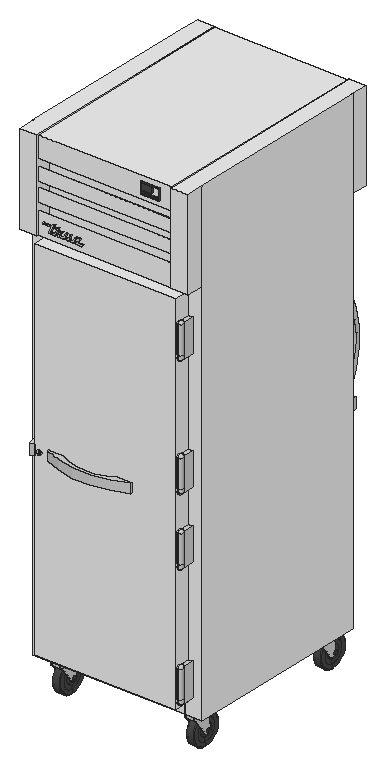
Revit family "QF_TRUE_STR1RPT-1S-1G-HC", category Specialty Equipment, Revit 2012 (continued)
Automatic sketch dimensions
  Revolve 27 sketch curve to plane 6 = 0.62954"
  Revolve 27 sketch curve to plane 3 "RIGHT" = 4.14082"
  Revolve 27 sketch curve to Revolve 27 sketch curve = 1.29707"
  Revolve 27 sketch curve to Revolve 27 sketch curve = 0"
  Revolve 27 sketch curve to Revolve 27 sketch curve = 0.10278"
  Revolve 27 sketch curve to plane 6 = 0.00141"
  plane 6 to Revolve 27 sketch curve = 0.26768"
  Revolve 28 sketch curve to level = 0"
  Revolve 28 sketch curve to plane 6 = 0"
  Revolve 28 sketch curve to plane 3 "RIGHT" = 4.17713"
  level to Revolve 28 sketch curve = 1"
  Revolve 28 sketch curve to plane 3 "RIGHT" = 3 19/32"
  Revolve 28 sketch curve to Revolve 28 sketch curve = 1/4"
  Revolve 28 sketch curve to Revolve 28 sketch curve = 1/2"
  Revolve 28 sketch curve to Revolve 28 sketch curve = 0"
  Revolve 28 sketch curve to Revolve 28 sketch curve = 5/8"
  plane 6 to Revolve 28 sketch curve = 1 25/32"
  Revolve 29 sketch curve to level = 0"
  Revolve 29 sketch curve to plane 6 = 0"
  Revolve 29 sketch curve to plane 3 "RIGHT" = 4.17713"
  level to Revolve 29 sketch curve = 1"
  Revolve 29 sketch curve to plane 3 "RIGHT" = 3 19/32"
  Revolve 29 sketch curve to Revolve 29 sketch curve = 1/4"
  Revolve 29 sketch curve to Revolve 29 sketch curve = 1/2"
  Revolve 29 sketch curve to Revolve 29 sketch curve = 0"
  Revolve 29 sketch curve to Revolve 29 sketch curve = 5/8"
  plane 6 to Revolve 29 sketch curve = 1 25/32"
  Revolve 30 sketch curve to plane 6 = 0.62954"
  Revolve 30 sketch curve to plane 3 "RIGHT" = 4.14082"
  Revolve 30 sketch curve to Revolve 30 sketch curve = 1.29707"
  Revolve 30 sketch curve to Revolve 30 sketch curve = 0"
  Revolve 30 sketch curve to Revolve 30 sketch curve = 0.10278"
  Revolve 30 sketch curve to plane 6 = 0.00141"
  plane 6 to Revolve 30 sketch curve = 0.26768"
  Extrusion 31 sketch curve to plane 6 = 0.63926"  (x2)
  Extrusion 31 sketch curve to plane 4 "FRONT" = 3.79864"
  Extrusion 31 sketch curve to Extrusion 31 sketch curve = 1/4"  (x2)
  Extrusion 31 sketch curve to Extrusion 31 sketch curve = 2 1/2"  (x2)
  Extrusion 31 sketch curve to plane 6 = 0.93273"  (x2)
  Extrusion 31 sketch curve to Extrusion 31 sketch curve = 0.03603"
  plane 8 to Extrusion 31 sketch curve = 6.82645"
  Extrusion 31 sketch curve to plane 6 = 1.24411"
  Extrusion 33 sketch curve to plane 6 = 0.63926"  (x2)
  Extrusion 33 sketch curve to plane 4 "FRONT" = 3.79864"
  Extrusion 33 sketch curve to Extrusion 33 sketch curve = 1/4"  (x2)
  level to Extrusion 33 sketch curve = 2.18736"  (x2)
  Extrusion 33 sketch curve to Extrusion 33 sketch curve = 1.7492"  (x2)
  Extrusion 33 sketch curve to Extrusion 33 sketch curve = 0.50669"  (x2)
  Extrusion 33 sketch curve to Extrusion 33 sketch curve = 2 1/2"  (x2)
  level to Extrusion 33 sketch curve = 2.59003"  (x2)
  Extrusion 33 sketch curve to Extrusion 33 sketch curve = 0.59966"  (x2)
  plane 8 to Extrusion 33 sketch curve = 6.82645"
  Extrusion 33 sketch curve to Extrusion 33 sketch curve = 0.60485"  (x2)
  Extrusion 34 sketch curve to plane 6 = 0.63926"  (x2)
  Extrusion 34 sketch curve to plane 4 "FRONT" = 3.79864"
  Extrusion 34 sketch curve to Extrusion 34 sketch curve = 1/4"  (x2)
  level to Extrusion 34 sketch curve = 2.18736"  (x2)
  Extrusion 34 sketch curve to Extrusion 34 sketch curve = 1.7492"  (x2)
  Extrusion 34 sketch curve to Extrusion 34 sketch curve = 0.50669"  (x2)
  Extrusion 34 sketch curve to Extrusion 34 sketch curve = 2 1/2"  (x2)
  level to Extrusion 34 sketch curve = 2.59003"  (x2)
  Extrusion 34 sketch curve to Extrusion 34 sketch curve = 0.59966"  (x2)
  plane 8 to Extrusion 34 sketch curve = 6.82645"
  Extrusion 34 sketch curve to Extrusion 34 sketch curve = 0.60485"  (x2)
  Extrusion 39 sketch curve to plane 6 = 0.63926"  (x2)
  Extrusion 39 sketch curve to plane 4 "FRONT" = 3.79864"
  Extrusion 39 sketch curve to Extrusion 39 sketch curve = 1/4"  (x2)
  Extrusion 39 sketch curve to Extrusion 39 sketch curve = 2 1/2"  (x2)
  Extrusion 39 sketch curve to plane 6 = 0.93273"  (x2)
  Extrusion 39 sketch curve to Extrusion 39 sketch curve = 0.03603"
  plane 8 to Extrusion 39 sketch curve = 6.82645"
  Extrusion 39 sketch curve to plane 6 = 1.24411"
  Extrusion 42 sketch curve to plane 3 "RIGHT" = 2 55/64"
  Extrusion 42 sketch curve to plane 3 "RIGHT" = 3/64"
  plane 8 to Extrusion 42 sketch curve = 2 3/4"
  plane 8 to Extrusion 42 sketch curve = 0"
  plane 8 to Extrusion 44 sketch curve = 0.60979"
  Extrusion 44 sketch curve to Extrusion 44 sketch curve = 0.43503"
  Extrusion 44 sketch curve to Extrusion 44 sketch curve = 0.20453"
  Extrusion 44 sketch curve to Extrusion 44 sketch curve = 1.50065"
  Extrusion 44 sketch curve to plane 5 "TOP" = 19.57271"
  Extrusion 44 sketch curve to Extrusion 44 sketch curve = 4.39928"
  Extrusion 44 sketch curve to Extrusion 44 sketch curve = 0.71221"
  plane 8 to Revolve 45 sketch curve = 3/16"  (x2)
  Revolve 45 sketch curve to Revolve 45 sketch curve = 0.38242"
  Revolve 45 sketch curve to Revolve 45 sketch curve = 0.38436"
  plane 8 to Revolve 45 sketch curve = 0.59416"
  Revolve 45 sketch curve to Revolve 45 sketch curve = 0.40666"
  Revolve 45 sketch curve to Revolve 45 sketch curve = 0"
  Revolve 45 sketch curve to plane 5 "TOP" = 18.75492"
  Revolve 45 sketch curve to Revolve 45 sketch curve = 0.55526"
  Revolve 45 sketch curve to Revolve 45 sketch curve = 0.19474"
  Revolve 45 sketch curve to Revolve 45 sketch curve = 0.14649"
  Revolve 45 sketch curve to Revolve 45 sketch curve = 4.42889"
  Revolve 45 sketch curve to Revolve 45 sketch curve = 0.05342"
  Revolve 45 sketch curve to Revolve 45 sketch curve = 0.51246"
  Revolve 45 sketch curve to Revolve 45 sketch curve = 0.05889"
  plane 8 to Extrusion 47 sketch curve = 0.60979"
  Extrusion 47 sketch curve to Extrusion 47 sketch curve = 0.43503"
  Extrusion 47 sketch curve to Extrusion 47 sketch curve = 0.20453"
  Extrusion 47 sketch curve to Extrusion 47 sketch curve = 1.50065"
  plane 6 to Extrusion 47 sketch curve = 38.92729"
  Extrusion 47 sketch curve to Extrusion 47 sketch curve = 4.39928"
  Extrusion 47 sketch curve to Extrusion 47 sketch curve = 0.71221"
  plane 8 to Revolve 48 sketch curve = 3/16"  (x2)
  Revolve 48 sketch curve to Revolve 48 sketch curve = 0.38242"
  Revolve 48 sketch curve to Revolve 48 sketch curve = 0.38436"
  plane 8 to Revolve 48 sketch curve = 0.59416"
  Revolve 48 sketch curve to Revolve 48 sketch curve = 0.40666"
  Revolve 48 sketch curve to Revolve 48 sketch curve = 0"
  Revolve 48 sketch curve to plane 5 "TOP" = 38.25492"
  Revolve 48 sketch curve to Revolve 48 sketch curve = 0.55526"
  Revolve 48 sketch curve to Revolve 48 sketch curve = 0.19474"
  Revolve 48 sketch curve to Revolve 48 sketch curve = 0.14649"
  Revolve 48 sketch curve to Revolve 48 sketch curve = 4.42889"
  Revolve 48 sketch curve to Revolve 48 sketch curve = 0.05342"
  Revolve 48 sketch curve to Revolve 48 sketch curve = 0.51246"
  Revolve 48 sketch curve to Revolve 48 sketch curve = 0.05889"
  plane 8 to Extrusion 50 sketch curve = 0.60979"
  Extrusion 50 sketch curve to Extrusion 50 sketch curve = 0.43503"
  Extrusion 50 sketch curve to Extrusion 50 sketch curve = 0.20453"
  Extrusion 50 sketch curve to Extrusion 50 sketch curve = 1.50065"
  plane 6 to Extrusion 50 sketch curve = 27.92729"
  Extrusion 50 sketch curve to Extrusion 50 sketch curve = 4.39928"
  Extrusion 50 sketch curve to Extrusion 50 sketch curve = 0.71221"
  plane 8 to Revolve 51 sketch curve = 3/16"  (x2)
  Revolve 51 sketch curve to Revolve 51 sketch curve = 0.38242"
  Revolve 51 sketch curve to Revolve 51 sketch curve = 0.38436"
  plane 8 to Revolve 51 sketch curve = 0.59416"
  Revolve 51 sketch curve to Revolve 51 sketch curve = 0.40666"
  Revolve 51 sketch curve to Revolve 51 sketch curve = 0"
  plane 6 to Revolve 51 sketch curve = 28.74508"
  Revolve 51 sketch curve to Revolve 51 sketch curve = 0.55526"
  Revolve 51 sketch curve to Revolve 51 sketch curve = 0.19474"
  Revolve 51 sketch curve to Revolve 51 sketch curve = 0.14649"
  Revolve 51 sketch curve to Revolve 51 sketch curve = 4.42889"
  Revolve 51 sketch curve to Revolve 51 sketch curve = 0.05342"
  Revolve 51 sketch curve to Revolve 51 sketch curve = 0.51246"
  Revolve 51 sketch curve to Revolve 51 sketch curve = 0.05889"
  plane 8 to Extrusion 53 sketch curve = 0.60979"
  Extrusion 53 sketch curve to Extrusion 53 sketch curve = 0.43503"
  Extrusion 53 sketch curve to Extrusion 53 sketch curve = 0.20453"
  Extrusion 53 sketch curve to Extrusion 53 sketch curve = 1.50065"
  plane 6 to Extrusion 53 sketch curve = 8.17729"
  plane 6 to Extrusion 53 sketch curve = 3.57348"
  Extrusion 53 sketch curve to Extrusion 53 sketch curve = 0.71221"
  plane 8 to Revolve 54 sketch curve = 3/16"  (x2)
  Revolve 54 sketch curve to Revolve 54 sketch curve = 0.38242"
  Revolve 54 sketch curve to Revolve 54 sketch curve = 0.38436"
  plane 8 to Revolve 54 sketch curve = 0.59416"
  Revolve 54 sketch curve to Revolve 54 sketch curve = 0.40666"
  Revolve 54 sketch curve to Revolve 54 sketch curve = 0"
  plane 6 to Revolve 54 sketch curve = 8.99508"
  Revolve 54 sketch curve to Revolve 54 sketch curve = 0.55526"
  Revolve 54 sketch curve to Revolve 54 sketch curve = 0.19474"
  Revolve 54 sketch curve to Revolve 54 sketch curve = 0.14649"
  plane 6 to Revolve 54 sketch curve = 3.62689"
  Revolve 54 sketch curve to Revolve 54 sketch curve = 0.05342"
  Revolve 54 sketch curve to Revolve 54 sketch curve = 0.51246"
  Revolve 54 sketch curve to Revolve 54 sketch curve = 0.05889"
  Blend 58 sketch curve to plane 3 "RIGHT" = 2 9/32"  (x2)
  Blend 58 sketch curve to Blend 58 sketch curve = 3/4"
  plane 6 to Blend 58 sketch curve = 32.17919"
  Blend 58 sketch curve to Blend 58 sketch curve = 1 3/4"
  Blend 58 sketch curve to Blend 58 sketch curve = 0.93223"
  plane 6 to Blend 58 sketch curve = 32.61393"
  Blend 58 sketch curve to Blend 58 sketch curve = 2.78233"
  Extrusion 59 sketch curve to plane 5 "TOP" = 2.55982"
  Extrusion 59 sketch curve to plane 3 "RIGHT" = 7.75585"
  Extrusion 59 sketch curve to Extrusion 59 sketch curve = 2 29/32"
  Extrusion 59 sketch curve to plane 5 "TOP" = 13/16"
  Extrusion 60 sketch curve to plane 5 "TOP" = 3/4"
  Extrusion 60 sketch curve to plane 3 "RIGHT" = 7.81835"
  Extrusion 60 sketch curve to Extrusion 60 sketch curve = 1/16"  (x4)
  Extrusion 60 sketch curve to Extrusion 60 sketch curve = 0.1375"  (x2)
  Extrusion 60 sketch curve to Extrusion 60 sketch curve = 1/4"  (x4)
  Extrusion 60 sketch curve to Extrusion 60 sketch curve = 0.44601"
  Extrusion 60 sketch curve to Extrusion 60 sketch curve = 1/2"  (x2)
  Extrusion 60 sketch curve to Extrusion 60 sketch curve = 0.0035"
  Extrusion 60 sketch curve to Extrusion 60 sketch curve = 1.06923"
  Extrusion 60 sketch curve to plane 5 "TOP" = 0.95"
  Extrusion 60 sketch curve to Extrusion 60 sketch curve = 1"
  Extrusion 60 sketch curve to Extrusion 60 sketch curve = 0.34106"  (x3)
  Extrusion 60 sketch curve to Extrusion 60 sketch curve = 0"
  Extrusion 60 sketch curve to Extrusion 60 sketch curve = 0.26876"
  Revolve 61 sketch curve to plane 3 "RIGHT" = 4.35148"
  Revolve 61 sketch curve to Revolve 61 sketch curve = 0.48273"
  Revolve 61 sketch curve to Revolve 61 sketch curve = 0.4"
  Revolve 61 sketch curve to Revolve 61 sketch curve = 0"  (x2)
  Revolve 61 sketch curve to Revolve 61 sketch curve = 0.1"  (x2)
  Revolve 61 sketch curve to Revolve 61 sketch curve = 0.16101"
  Revolve 61 sketch curve to Revolve 61 sketch curve = 0.75408"
  Revolve 61 sketch curve to Revolve 61 sketch curve = 0.92798"
  Revolve 61 sketch curve to Revolve 61 sketch curve = 0.06101"
  Revolve 61 sketch curve to Revolve 61 sketch curve = 1/2"
  Revolve 61 sketch curve to Revolve 61 sketch curve = 0.16509"
  Revolve 61 sketch curve to Revolve 61 sketch curve = 0.39592"
  level to Revolve 61 sketch curve = 2 1/2"
  Revolve 61 sketch curve to Revolve 61 sketch curve = 0.29941"  (x2)
  Revolve 61 sketch curve to Revolve 61 sketch curve = 3/4"  (x4)
  Revolve 61 sketch curve to Revolve 61 sketch curve = 0.59652"
  Revolve 61 sketch curve to Revolve 61 sketch curve = 0.60059"
  Extrusion 1 sketch curve to plane 2 "LEFT" = 0"
  plane 2 "LEFT" to Extrusion 1 sketch curve = 2 55/64"
  Extrusion 1 sketch curve to plane 4 "FRONT" = 2 3/4"
  plane 8 to Extrusion 1 sketch curve = 2 3/4"
  plane 2 "LEFT" to Extrusion 5 sketch curve = 3/64"
  Extrusion 5 sketch curve to plane 4 "FRONT" = 0"
  Extrusion 5 sketch curve to Extrusion 5 sketch curve = 2 13/16"
  Extrusion 5 sketch curve to Extrusion 5 sketch curve = 2 3/4"
  plane 2 "LEFT" to Extrusion 6 sketch curve = 2 9/32"
  Extrusion 6 sketch curve to plane 3 "RIGHT" = 2 9/32"
  plane 6 to Extrusion 6 sketch curve = 1 29/32"
  Extrusion 6 sketch curve to plane 5 "TOP" = 16 5/32"
  plane 2 "LEFT" to Extrusion 8 sketch curve = 3.04215"
  Extrusion 8 sketch curve to Extrusion 8 sketch curve = 0.02035"
  Extrusion 8 sketch curve to Extrusion 8 sketch curve = 0.0555"
  plane 6 to Extrusion 8 sketch curve = 31.39395"
  Extrusion 8 sketch curve to Extrusion 8 sketch curve = 0.29355"
  Extrusion 8 sketch curve to Extrusion 8 sketch curve = 0.27385"
  plane 2 "LEFT" to Extrusion 9 sketch curve = 3.68957"
  Extrusion 9 sketch curve to Extrusion 9 sketch curve = 0.10565"  (x5)
  Extrusion 9 sketch curve to Extrusion 9 sketch curve = 1.03891"
  Extrusion 9 sketch curve to Extrusion 9 sketch curve = 0.04606"
  Extrusion 9 sketch curve to Extrusion 9 sketch curve = 0.04025"
  Extrusion 9 sketch curve to Extrusion 9 sketch curve = 0.33624"
  Extrusion 9 sketch curve to Extrusion 9 sketch curve = 0.03034"  (x2)
  Extrusion 9 sketch curve to Extrusion 9 sketch curve = 0.29274"
  Extrusion 9 sketch curve to Extrusion 9 sketch curve = 0.03232"
  Extrusion 9 sketch curve to Extrusion 9 sketch curve = 0.08083"
  Extrusion 9 sketch curve to Extrusion 9 sketch curve = 0.1527"
  Extrusion 9 sketch curve to Extrusion 9 sketch curve = 0.19721"
  Extrusion 9 sketch curve to Extrusion 9 sketch curve = 0.4629"
  Extrusion 9 sketch curve to Extrusion 9 sketch curve = 0.02197"
  Extrusion 9 sketch curve to Extrusion 9 sketch curve = 0.12632"
  Extrusion 9 sketch curve to Extrusion 9 sketch curve = 0.18591"
  Extrusion 9 sketch curve to Extrusion 9 sketch curve = 0.2322"
  Extrusion 9 sketch curve to Extrusion 9 sketch curve = 0.13786"
  Extrusion 9 sketch curve to Extrusion 9 sketch curve = 0.00907"
  Extrusion 9 sketch curve to Extrusion 9 sketch curve = 0.01413"
  Extrusion 9 sketch curve to Extrusion 9 sketch curve = 0.37162"
  Extrusion 9 sketch curve to Extrusion 9 sketch curve = 0.12551"
  Extrusion 9 sketch curve to Extrusion 9 sketch curve = 0.07633"
  Extrusion 9 sketch curve to Extrusion 9 sketch curve = 0.08445"
  Extrusion 9 sketch curve to Extrusion 9 sketch curve = 0.25598"
  Extrusion 9 sketch curve to Extrusion 9 sketch curve = 0.01887"
  Extrusion 9 sketch curve to Extrusion 9 sketch curve = 0.04061"
  Extrusion 9 sketch curve to Extrusion 9 sketch curve = 0.0653"
  Extrusion 9 sketch curve to Extrusion 9 sketch curve = 0.08474"
  Extrusion 9 sketch curve to Extrusion 9 sketch curve = 0.00815"
  Extrusion 9 sketch curve to Extrusion 9 sketch curve = 0.22037"
  Extrusion 9 sketch curve to Extrusion 9 sketch curve = 0.21921"
  Extrusion 9 sketch curve to Extrusion 9 sketch curve = 0.11572"
  Extrusion 9 sketch curve to Extrusion 9 sketch curve = 0.46643"
  Extrusion 9 sketch curve to Extrusion 9 sketch curve = 0.00535"
  Extrusion 9 sketch curve to Extrusion 9 sketch curve = 0.09269"
  Extrusion 9 sketch curve to Extrusion 9 sketch curve = 0.09348"
  Extrusion 9 sketch curve to Extrusion 9 sketch curve = 0.14812"
  Extrusion 9 sketch curve to Extrusion 9 sketch curve = 0.07778"  (x3)
  Extrusion 9 sketch curve to Extrusion 9 sketch curve = 0.20054"
  Extrusion 9 sketch curve to Extrusion 9 sketch curve = 0.04325"
  Extrusion 9 sketch curve to Extrusion 9 sketch curve = 0.32433"
  Extrusion 9 sketch curve to Extrusion 9 sketch curve = 0.10233"  (x2)
  Extrusion 9 sketch curve to Extrusion 9 sketch curve = 0.16515"
  Extrusion 9 sketch curve to Extrusion 9 sketch curve = 0.27321"
  Extrusion 9 sketch curve to Extrusion 9 sketch curve = 0.0526"
  Extrusion 9 sketch curve to Extrusion 9 sketch curve = 0.10005"
  Extrusion 9 sketch curve to Extrusion 9 sketch curve = 0.06912"
  Extrusion 9 sketch curve to Extrusion 9 sketch curve = 0.13276"
  Extrusion 9 sketch curve to Extrusion 9 sketch curve = 0.17486"
  Extrusion 9 sketch curve to Extrusion 9 sketch curve = 0.05291"
  Extrusion 9 sketch curve to Extrusion 9 sketch curve = 0.53374"
  Extrusion 9 sketch curve to Extrusion 9 sketch curve = 0.09914"  (x2)
  Extrusion 9 sketch curve to Extrusion 9 sketch curve = 0.15992"
  Extrusion 9 sketch curve to Extrusion 9 sketch curve = 0.46666"
  Extrusion 9 sketch curve to Extrusion 9 sketch curve = 0.00582"
  Extrusion 9 sketch curve to Extrusion 9 sketch curve = 0.08216"
  Extrusion 9 sketch curve to Extrusion 9 sketch curve = 0.16397"
  Extrusion 9 sketch curve to Extrusion 9 sketch curve = 0.12601"
  Extrusion 9 sketch curve to Extrusion 9 sketch curve = 0.1363"
  Extrusion 9 sketch curve to Extrusion 9 sketch curve = 0.02323"
  Extrusion 9 sketch curve to Extrusion 9 sketch curve = 0.03844"
  Extrusion 9 sketch curve to Extrusion 9 sketch curve = 0.0454"
  Extrusion 9 sketch curve to Extrusion 9 sketch curve = 0.05693"
  Extrusion 9 sketch curve to Extrusion 9 sketch curve = 0.0917"
  Extrusion 9 sketch curve to Extrusion 9 sketch curve = 0.01902"
  Extrusion 9 sketch curve to Extrusion 9 sketch curve = 0.02191"
  Extrusion 9 sketch curve to Extrusion 9 sketch curve = 0.0347"
  Extrusion 9 sketch curve to Extrusion 9 sketch curve = 0.06385"
  Extrusion 9 sketch curve to Extrusion 9 sketch curve = 0.02906"
  Extrusion 9 sketch curve to Extrusion 9 sketch curve = 0.02851"
  Extrusion 9 sketch curve to Extrusion 9 sketch curve = 0.29237"
  Extrusion 9 sketch curve to Extrusion 9 sketch curve = 0.00537"
  Extrusion 9 sketch curve to Extrusion 9 sketch curve = 0.0406"
  Extrusion 9 sketch curve to Extrusion 9 sketch curve = 0.04327"
  Extrusion 9 sketch curve to Extrusion 9 sketch curve = 0.02615"
  Extrusion 9 sketch curve to Extrusion 9 sketch curve = 0.11806"
  Extrusion 9 sketch curve to Extrusion 9 sketch curve = 0.15103"
  Extrusion 9 sketch curve to Extrusion 9 sketch curve = 0.10007"
  Extrusion 9 sketch curve to Extrusion 9 sketch curve = 0.5254"
  Extrusion 9 sketch curve to Extrusion 9 sketch curve = 0.14787"
  Extrusion 9 sketch curve to plane 5 "TOP" = 13.64562"
  Extrusion 9 sketch curve to Extrusion 9 sketch curve = 0.07275"
  Extrusion 9 sketch curve to Extrusion 9 sketch curve = 0.05776"
  Extrusion 9 sketch curve to Extrusion 9 sketch curve = 0.08631"
  Extrusion 9 sketch curve to Extrusion 9 sketch curve = 0.09282"
  Extrusion 9 sketch curve to Extrusion 9 sketch curve = 0.13018"
  Extrusion 9 sketch curve to Extrusion 9 sketch curve = 0.16714"
  Extrusion 9 sketch curve to Extrusion 9 sketch curve = 0.11061"
  Extrusion 9 sketch curve to Extrusion 9 sketch curve = 0.06046"
  Extrusion 9 sketch curve to Extrusion 9 sketch curve = 0.16548"
  Extrusion 9 sketch curve to Extrusion 9 sketch curve = 0.14279"
  Extrusion 9 sketch curve to Extrusion 9 sketch curve = 0.0496"
  Extrusion 9 sketch curve to Extrusion 9 sketch curve = 0.07293"
  Extrusion 9 sketch curve to Extrusion 9 sketch curve = 0.07764"
  Extrusion 9 sketch curve to Extrusion 9 sketch curve = 0.03794"
  Extrusion 9 sketch curve to Extrusion 9 sketch curve = 0.08552"
  Extrusion 9 sketch curve to Extrusion 9 sketch curve = 0.09296"
  Extrusion 9 sketch curve to Extrusion 9 sketch curve = 0.09314"
  Extrusion 9 sketch curve to Extrusion 9 sketch curve = 0.02781"
  Extrusion 9 sketch curve to Extrusion 9 sketch curve = 0.04981"
  Extrusion 9 sketch curve to Extrusion 9 sketch curve = 0.09315"
  Extrusion 9 sketch curve to Extrusion 9 sketch curve = 0.04799"
  Extrusion 9 sketch curve to Extrusion 9 sketch curve = 0.02531"
  Extrusion 9 sketch curve to Extrusion 9 sketch curve = 0.03054"
  Extrusion 9 sketch curve to Extrusion 9 sketch curve = 0.2589"
  Extrusion 9 sketch curve to Extrusion 9 sketch curve = 0.0674"
  Extrusion 9 sketch curve to Extrusion 9 sketch curve = 0.0324"
  Extrusion 9 sketch curve to Extrusion 9 sketch curve = 0.26185"
  Extrusion 9 sketch curve to Extrusion 9 sketch curve = 11/256"
  Extrusion 9 sketch curve to Extrusion 9 sketch curve = 0.07366"
  Extrusion 9 sketch curve to Extrusion 9 sketch curve = 0.02187"
  Extrusion 9 sketch curve to Extrusion 9 sketch curve = 0.06479"
  Extrusion 9 sketch curve to Extrusion 9 sketch curve = 0.01183"
  Extrusion 9 sketch curve to Extrusion 9 sketch curve = 0.05778"
  Extrusion 9 sketch curve to Extrusion 9 sketch curve = 0.53375"
  Extrusion 9 sketch curve to Extrusion 9 sketch curve = 0.23098"
  Extrusion 9 sketch curve to Extrusion 9 sketch curve = 0"
  Extrusion 9 sketch curve to Extrusion 9 sketch curve = 0.05045"
  Extrusion 9 sketch curve to Extrusion 9 sketch curve = 0.09139"
  Extrusion 9 sketch curve to Extrusion 9 sketch curve = 29/128"  (x3)
  plane 2 "LEFT" to Blend 11 sketch curve = 2 9/32"
  Blend 11 sketch curve to Blend 11 sketch curve = 3/4"
  plane 6 to Blend 11 sketch curve = 32.61669"
  Blend 11 sketch curve to Blend 11 sketch curve = 1 3/4"
  Blend 11 sketch curve to plane 2 "LEFT" = 2 9/32"
  Blend 11 sketch curve to Blend 11 sketch curve = 0.93223"
  Blend 11 sketch curve to plane 6 = 30.2691"
  Blend 11 sketch curve to Blend 11 sketch curve = 2.78233"
  plane 2 "LEFT" to Revolve 32 sketch curve = 1.33602"
  Revolve 32 sketch curve to Revolve 32 sketch curve = 0.48273"
  Revolve 32 sketch curve to Revolve 32 sketch curve = 0.4"
  Revolve 32 sketch curve to Revolve 32 sketch curve = 0"  (x2)
  Revolve 32 sketch curve to Revolve 32 sketch curve = 0.1"  (x2)
  Revolve 32 sketch curve to Revolve 32 sketch curve = 0.16101"
  Revolve 32 sketch curve to Revolve 32 sketch curve = 0.75408"
  Revolve 32 sketch curve to Revolve 32 sketch curve = 0.92798"
  Revolve 32 sketch curve to Revolve 32 sketch curve = 0.06101"
  Revolve 32 sketch curve to Revolve 32 sketch curve = 1/2"
  Revolve 32 sketch curve to Revolve 32 sketch curve = 0.16509"
  Revolve 32 sketch curve to Revolve 32 sketch curve = 0.39592"
  level to Revolve 32 sketch curve = 2 1/2"
  Revolve 32 sketch curve to Revolve 32 sketch curve = 0.29941"  (x2)
  Revolve 32 sketch curve to Revolve 32 sketch curve = 3/4"  (x4)
  Revolve 32 sketch curve to Revolve 32 sketch curve = 0.59652"
  Revolve 32 sketch curve to Revolve 32 sketch curve = 0.60059"
  Revolve 35 sketch curve to plane 6 = 0.62954"
  plane 2 "LEFT" to Revolve 35 sketch curve = 1.54668"
  Revolve 35 sketch curve to Revolve 35 sketch curve = 1.29707"
  Revolve 35 sketch curve to Revolve 35 sketch curve = 0"
  Revolve 35 sketch curve to Revolve 35 sketch curve = 0.10278"
  Revolve 35 sketch curve to plane 6 = 0.00141"
  plane 6 to Revolve 35 sketch curve = 0.26768"
  Revolve 36 sketch curve to level = 0"
  Revolve 36 sketch curve to plane 6 = 0"
  plane 2 "LEFT" to Revolve 36 sketch curve = 1.51037"
  level to Revolve 36 sketch curve = 1"
  plane 2 "LEFT" to Revolve 36 sketch curve = 2 3/32"
  Revolve 36 sketch curve to Revolve 36 sketch curve = 1/4"
  Revolve 36 sketch curve to Revolve 36 sketch curve = 1/2"
  Revolve 36 sketch curve to Revolve 36 sketch curve = 0"
  Revolve 36 sketch curve to Revolve 36 sketch curve = 5/8"
  plane 6 to Revolve 36 sketch curve = 1 25/32"
  Revolve 37 sketch curve to level = 0"
  Revolve 37 sketch curve to plane 6 = 0"
  plane 2 "LEFT" to Revolve 37 sketch curve = 1.51037"
  level to Revolve 37 sketch curve = 1"
  plane 2 "LEFT" to Revolve 37 sketch curve = 2 3/32"
  Revolve 37 sketch curve to Revolve 37 sketch curve = 1/4"
  Revolve 37 sketch curve to Revolve 37 sketch curve = 1/2"
  Revolve 37 sketch curve to Revolve 37 sketch curve = 0"
  Revolve 37 sketch curve to Revolve 37 sketch curve = 5/8"
  plane 6 to Revolve 37 sketch curve = 1 25/32"
  Revolve 38 sketch curve to plane 6 = 0.62954"
  plane 2 "LEFT" to Revolve 38 sketch curve = 1.54668"
  Revolve 38 sketch curve to Revolve 38 sketch curve = 1.29707"
  Revolve 38 sketch curve to Revolve 38 sketch curve = 0"
  Revolve 38 sketch curve to Revolve 38 sketch curve = 0.10278"
  Revolve 38 sketch curve to plane 6 = 0.00141"
  plane 6 to Revolve 38 sketch curve = 0.26768"
  plane 2 "LEFT" to Extrusion 40 sketch curve = 2 9/32"
  Extrusion 40 sketch curve to Extrusion 40 sketch curve = 3 11/32"  (x2)
  Extrusion 40 sketch curve to plane 3 "RIGHT" = 5 5/8"
  Extrusion 40 sketch curve to plane 3 "RIGHT" = 2 9/32"
  Extrusion 40 sketch curve to plane 5 "TOP" = 16 5/32"
  plane 6 to Extrusion 40 sketch curve = 5 1/4"
  plane 6 to Extrusion 40 sketch curve = 1 29/32"
  plane 2 "LEFT" to Extrusion 41 sketch curve = 5 5/8"
  Extrusion 41 sketch curve to plane 3 "RIGHT" = 5 5/8"
  Extrusion 41 sketch curve to plane 5 "TOP" = 19 1/2"
  plane 6 to Extrusion 41 sketch curve = 5 1/4"
  plane 2 "LEFT" to Extrusion 43 sketch curve = 3/64"
  plane 8 to Extrusion 43 sketch curve = 0"
  Extrusion 43 sketch curve to Extrusion 43 sketch curve = 2 13/16"
  Extrusion 43 sketch curve to Extrusion 43 sketch curve = 3.0792"
  plane 2 "LEFT" to Extrusion 46 sketch curve = 1.88366"
  Extrusion 46 sketch curve to Extrusion 46 sketch curve = 0.39759"
  Extrusion 46 sketch curve to plane 5 "TOP" = 19.6514"
  Extrusion 46 sketch curve to Extrusion 46 sketch curve = 4.47281"
  plane 2 "LEFT" to Extrusion 49 sketch curve = 1.88366"
  Extrusion 49 sketch curve to Extrusion 49 sketch curve = 0.39759"
  plane 6 to Extrusion 49 sketch curve = 38.8486"
  Extrusion 49 sketch curve to Extrusion 49 sketch curve = 4.47281"
  plane 2 "LEFT" to Extrusion 52 sketch curve = 1.88366"
  Extrusion 52 sketch curve to Extrusion 52 sketch curve = 0.39759"
  plane 6 to Extrusion 52 sketch curve = 27.8486"
  Extrusion 52 sketch curve to Extrusion 52 sketch curve = 4.47281"
  plane 2 "LEFT" to Extrusion 55 sketch curve = 1.88366"
  Extrusion 55 sketch curve to Extrusion 55 sketch curve = 0.39759"
  plane 6 to Extrusion 55 sketch curve = 8.0986"
  plane 6 to Extrusion 55 sketch curve = 3.62579"
  plane 2 "LEFT" to Revolve 62 sketch curve = 1.33602"
  Revolve 62 sketch curve to Revolve 62 sketch curve = 0.48273"
  Revolve 62 sketch curve to Revolve 62 sketch curve = 0.4"
  Revolve 62 sketch curve to Revolve 62 sketch curve = 0"  (x2)
  Revolve 62 sketch curve to Revolve 62 sketch curve = 0.1"  (x2)
  Revolve 62 sketch curve to Revolve 62 sketch curve = 0.16101"
  Revolve 62 sketch curve to Revolve 62 sketch curve = 0.75408"
  Revolve 62 sketch curve to Revolve 62 sketch curve = 0.92798"
  Revolve 62 sketch curve to Revolve 62 sketch curve = 0.06101"
  Revolve 62 sketch curve to Revolve 62 sketch curve = 1/2"
  Revolve 62 sketch curve to Revolve 62 sketch curve = 0.16509"
  Revolve 62 sketch curve to Revolve 62 sketch curve = 0.39592"
  level to Revolve 62 sketch curve = 2 1/2"
  Revolve 62 sketch curve to Revolve 62 sketch curve = 0.29941"  (x2)
  Revolve 62 sketch curve to Revolve 62 sketch curve = 3/4"  (x4)
  Revolve 62 sketch curve to Revolve 62 sketch curve = 0.59652"
  Revolve 62 sketch curve to Revolve 62 sketch curve = 0.60059"
  plane 8 to Extrusion 63 sketch curve = 3/16"
  Extrusion 63 sketch curve to plane 4 "FRONT" = 3/16"
  plane 8 to Extrusion 63 sketch curve = 0.10328"
  plane 2 "LEFT" to Extrusion 63 sketch curve = 2.27195"
  Extrusion 63 sketch curve to Extrusion 63 sketch curve = 0.0093"  (x2)
  plane 2 "LEFT" to Extrusion 63 sketch curve = 2.28117"
  Extrusion 63 sketch curve to plane 3 "RIGHT" = 2 9/32"
  Extrusion 63 sketch curve to plane 3 "RIGHT" = 2.28117"
  Extrusion 63 sketch curve to Extrusion 63 sketch curve = 23 1/32"
  Extrusion 57 sketch curve to Extrusion 40 = 217/256"
  Extrusion 57 sketch curve to Extrusion 57 sketch curve = 9/256"
  Extrusion 57 sketch curve to Extrusion 57 sketch curve = 0.0555"
  Extrusion 40 to Extrusion 57 sketch curve = 26.27385"
  Extrusion 57 sketch curve to Extrusion 57 sketch curve = 0.27385"
  Extrusion 57 sketch curve to Extrusion 57 sketch curve = 0.29355"
  plane 2 "LEFT" to Extrusion 64 sketch curve = 2 27/32"
  Extrusion 64 sketch curve to plane 4 "FRONT" = 5 3/16"
  plane 2 "LEFT" to Extrusion 65 sketch curve = 2 27/32"
  plane 8 to Extrusion 65 sketch curve = 5.06602"
  Extrusion 66 sketch curve to plane 3 "RIGHT" = 2 27/32"
  plane 8 to Extrusion 66 sketch curve = 5.06602"
  Extrusion 67 sketch curve to plane 3 "RIGHT" = 2 27/32"
  Extrusion 67 sketch curve to plane 4 "FRONT" = 5 3/16"
  Extrusion 56 sketch curve to plane 8 = 0.02463"  (x2)
  plane 8 to Extrusion 56 sketch curve = 3/16"  (x2)
  plane 8 to Extrusion 56 sketch curve = 8.36439"
  Extrusion 56 sketch curve to Extrusion 56 sketch curve = 6.90258"
  plane 6 to Extrusion 56 sketch curve = 32 5/8"
  Extrusion 56 sketch curve to Extrusion 56 sketch curve = 2.37615"
  Extrusion 56 sketch curve to Extrusion 56 sketch curve = 4.87385"
  Extrusion 56 sketch curve to Extrusion 56 sketch curve = 0"
  curve 3 to plane 2 "LEFT" = 0"
  plane 8 to curve 26 = 0"
  plane 4 "FRONT" to curve 28 = 0"
  plane 4 "FRONT" to curve 32 = 0"
  curve 4 to plane 3 "RIGHT" = 0"
  plane 2 "LEFT" to curve 12 = 1.41409"
  plane 2 "LEFT" to curve 8 = 1.41409"
  plane 8 to curve 41 = 0.10328"
  plane 2 "LEFT" to curve 41 = 2.27195"
  curve 40 to plane 4 "FRONT" = 3/16"
  plane 2 "LEFT" to curve 40 = 2.28117"
  curve 41 to curve 26 = 0.0093"
  curve 7 to curve 9 = 1.08591"
  curve 11 to curve 12 = 1.08591"
  curve 40 to curve 28 = 1.40839"
  plane 2 "LEFT" to curve 7 = 3.91409"
  curve 41 to curve 10 = 1.64214"
  curve 28 to curve 34 = 0.82465"
  plane 2 "LEFT" to curve 22 = 5.31336"
  curve 34 to curve 35 = 2.7174"
  curve 35 to curve 30 = 3.10262"
  curve 6 to curve 34 = 6.36249"
  curve 6 to curve 35 = 6.36249"
  curve 30 to curve 35 = 5.44975"
  curve 38 to plane 8 = 3/16"
  curve 38 to plane 3 "RIGHT" = 10.33424"
  plane 4 "FRONT" to curve 36 = 0.0247"
  curve 35 to curve 36 = 2.37851"
  curve 36 to curve 32 = 1.51916"
  curve 26 to plane 3 "RIGHT" = 5.40718"
  curve 15 to plane 3 "RIGHT" = 5.17844"
  curve 31 to curve 20 = 2.6399"
  curve 31 to curve 33 = 3 1/32"
  curve 19 to curve 20 = 1.08591"
  curve 15 to curve 17 = 1.08591"
  curve 24 to plane 9 = 0"
  curve 24 to plane 3 "RIGHT" = 3 15/16"
  curve 23 to curve 37 = 0.24793"
  curve 18 to plane 3 "RIGHT" = 2.67844"
  curve 14 to plane 3 "RIGHT" = 2.67844"
  curve 23 to curve 25 = 1 1/2"
  curve 25 to curve 41 = 5/32"
  curve 22 to curve 3 = 2 9/32"
  curve 22 to curve 40 = 0.0093"
  curve 40 to plane 10 = 9.64097"
  curve 2 to curve 5 = 2 9/16"
  curve 33 to curve 20 = 3.74099"
  curve 5 to curve 8 = 1.28257"
  curve 20 to curve 20 = 0.62695"
  curve 8 to curve 8 = 0.62695"
  curve 13 to curve 41 = 7.98915"
  plane 8 to curve 17 = 8.09243"
  curve 16 to curve 16 = 0.62695"
  curve 12 to curve 11 = 0.62695"
  curve 1 to curve 2 = 2 3/4"
  Extrusion 7 sketch curve to plane 4 "FRONT" = 3/16"  (x2)
  plane 2 "LEFT" to Extrusion 7 sketch curve = 4 9/16"
  Extrusion 7 sketch curve to Extrusion 7 sketch curve = 2.37851"  (x2)
  Extrusion 7 sketch curve to Extrusion 7 sketch curve = 4.42149"
  Extrusion 7 sketch curve to Extrusion 7 sketch curve = 0"
  plane 4 "FRONT" to Extrusion 7 sketch curve = 0.0247"
  Extrusion 7 sketch curve to plane 4 "FRONT" = 6.72146"
  Extrusion 7 sketch curve to Extrusion 7 sketch curve = 6.60852"
  radius of Extrusion 10 sketch curve = 1/4"
  radius of Extrusion 8 sketch curve = 0.35"
  radius of Extrusion 57 sketch curve = 0.35"
  radius of Extrusion 64 sketch curve = 1 1/2"
  radius of Extrusion 65 sketch curve = 1 1/2"
  radius of Extrusion 66 sketch curve = 1 1/2"
  radius of Extrusion 67 sketch curve = 1 1/2"
Connectors (in)
  electrical at (24.25, 2.48221, 82), driven by "Volts", driven by "Watts"
    settings: on Extrusion 10, index 1, voltage 115 V, apparent load 437 VA, apparent load phase1 0 VA, apparent load phase2 0 VA, apparent load phase3 0 VA, power factor 1, load classification "Other", number of poles 1, system type 30, power factor state 1, is connector primary yes, connector utility no, sub classification motor no, connector description "ELECTRICAL CONNECTION"
